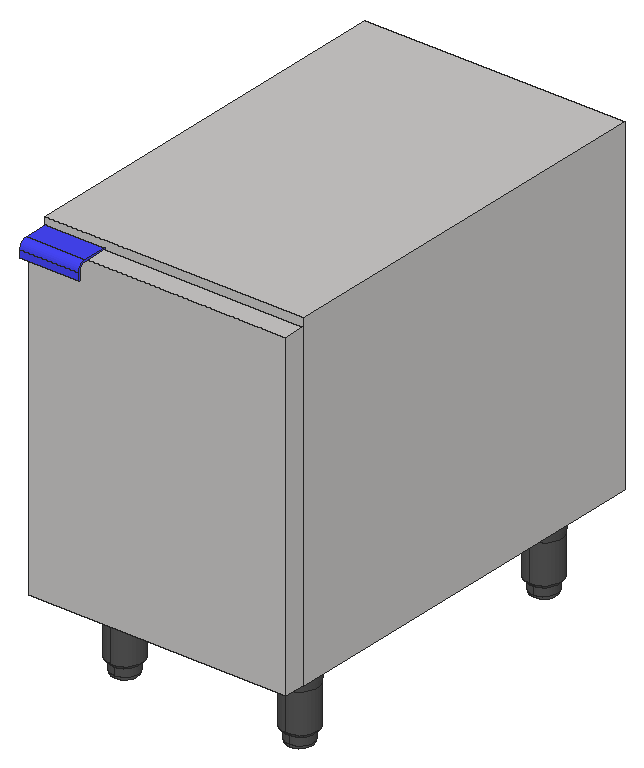
Revit family "QF_CAPIC_AVEN_W543041", category Equipement spécialisé, Revit 2018
Family settings
  Cote de connecteur circulaire = Utiliser le diamètre
  Type d'élément = Normal
  Numéro OmniClass = 23.40.40.14
  Titre OmniClass = Food Service Equipment
  Basée sur le plan de construction = Non
  Toujours verticalement = Oui
  Couper avec des vides une fois chargée = Non
  Partagée = Non
  Point de calcul de pièce = Non
Parameters (values of type "400 mm")
  URL catalogue = "http://www.capic-fr.com/fr/"
  Type de Raccord Plomberie [instance] = ""
  Type de Raccord Electrique [instance] = "Bornier interne"
  Type de Gaz = ""
  Type article [instance] = ""
  Tension = 230 V
  Spécification du Fabricant = ""
  Show Logo = yes
  Remarques evacuation [instance] = ""
  Remarques Plomberie [instance] = ""
  Remarques Electricité [instance] = "230Vx1 +T"
  Puissance électrique  = 850 W
  Puissance Gaz kW = 0
  Profondeur hors tout = 671 mm
  Pression Maximum Eau Adoucie = 0.0 Pa
  Poids net à vide = 50.00 kg
  Phase = 0
  Modèle = "W543041"
  Longueur hors tout = 400 mm
  Intensité nominale = 0 A
  Hauteur hors tout = 638 mm
  Hauteur de Raccordement du Sol Finis = 447 mm
  Hauteur de Raccordement Gaz du Sol Finis = 0 mm
  Hauteur de Raccordement Evacuation Directe du Sol Finis = 0 mm
  Hauteur de Raccordement Eau Froide du Sol Finis = 0 mm
  Hauteur de Raccordement Eau Chaude du Sol Finis = 0 mm
  Hauteur de Raccordement Eau Adoucie du Sol Finis = 0 mm
  Fréquence = 50 Hz
  Fabricant = "CAPIC"
  Etagere intermédiaire (option) [instance] = no
  Débit d'air d'extraction = 0.0 m³/h
  Débit Gaz = 0.0 L/s
  Débit Eau Froide = 0.0 L/s
  Débit Eau Chaude = 0.0 L/s
  Débit Eau Adoucie = 0.0 L/s
  Diamètre de Raccordement Gaz = 0 mm
  Diamètre de Raccordement Evacuation = 0 mm
  Diamètre de Raccordement Eau Froide = 0 mm
  Diamètre de Raccordement Eau Chaude = 0 mm
  Diamètre de Raccordement Eau Adoucie = 0 mm
  Description = "Placard chauffant"
  Assembly Code = ""
  Classification  Omniclass nombre et titre = "23.40.40.14"
Reference planes
  plane 1 "Centre (avant/arrière)": y = 0
  plane 2: z = 0
  plane 3 "Centre (gauche/droite)": x = 0
  plane 4: x = 400
  plane 5: y = -662
  plane 6: y = -45
  plane 7: x = 25
  plane 8: x = 375
  plane 9: y = -69
  plane 10: y = -539
  plane 11: x = 35
  plane 12: x = 365
  plane 13: x = 2
  plane 14: x = 398
  plane 15: y = -694.5
  plane 16: z = 627
  plane 17: y = -712
  plane 18: z = 625
  plane 19: y = -710
  plane 20: z = 603
  plane 21: x = 92
  plane 22: y = -1075
  plane 23: z = 447
Forms (mm)
  Extrusion 1, solid, material "QF_Stainless Steel-Brushed"
    sketch origin (0, 0, 0) x (1, 0, 0) y (0, 1, 0)
      loop
        line (0, -45) -> (0, -662) -> (400, -662) -> (400, -45) -> (0, -45)
    from 130 to 638
  Extrusion 2, void
    sketch origin (0, 0, 0) x (1, 0, 0) y (0, 1, 0)
      loop
        line (35, -69) -> (35, -662) -> (365, -662) -> (365, -69) -> (35, -69)
    from 175 to 608
  Extrusion 3, solid, material "QF_Stainless Steel-Brushed", visible <- "Etagere intermédiaire (option)"
    sketch origin (0, 0, 0) x (1, 0, 0) y (0, 1, 0)
      loop
        line (35, -69) -> (35, -662) -> (365, -662) -> (365, -69) -> (35, -69)
    from 370 to 400
  Extrusion 4, solid, material "QF_Stainless Steel-Brushed"
    sketch origin (0, 0, 0) x (1, 0, 0) y (0, 1, 0)
      loop
        line (2, -662) -> (2, -694.5) -> (398, -694.5) -> (398, -662) -> (2, -662)
    from 130 to 625
  Extrusion 5, solid, material "QF_Metal Sheet-Blue"
    sketch origin (0, 0, 0) x (0, 1, 0) y (0, 0, 1)
      loop
        line (-662, 627) -> (-700, 627)
        arc (-700, 627) -> (-708.485, 623.485) -> (-712, 615) r 12
        line (-712, 615) -> (-712, 603) -> (-710, 603) -> (-710, 615)
        arc (-710, 615) -> (-707.071, 622.071) -> (-700, 625) r 10
        line (-700, 625) -> (-662, 625) -> (-662, 627)
    from 2 to 92
Cuts and joins
  Extrusion 2 cuts Extrusion 1
Lines and regions (mm)
  symbolic lines, style "SpecialityEquipmentHiddenLines"
    curve 1: arc (398, -1075, 0) -> (123.261, -964.482, 0) -> (1.583, -694.5, 0) r 396.75
  symbolic lines
    curve 2: line (398, -1075, 0) -> (398, -694.5, 0)
Dimensions and locks
  "Longueur hors tout": plane 3 "Centre (gauche/droite)" to plane 4
  plane 5 to plane 6 to plane 1 "Centre (avant/arrière)" = 617 mm locked, 45 mm locked
  plane 6 to plane 9 to plane 10 = 24 mm locked, 470 mm locked
  locked: plane 3 "Centre (gauche/droite)" to plane 7 at 25
  locked: plane 8 to plane 4 at 25
  locked: plane 3 "Centre (gauche/droite)" to plane 11 at 35
  locked: plane 12 to plane 4 at 35
  locked: plane 3 "Centre (gauche/droite)" to plane 13 at 2
  locked: plane 14 to plane 4 at 2
  locked: plane 5 to plane 15 at 32.5
  locked: plane 16 to plane 18 at 2
  locked: plane 19 to plane 17 at 2
  locked: plane 5 to plane 17 at 50
  locked: plane 16 to plane 20 at 24
  locked: plane 13 to plane 21 at 90
  aligned and locked: level to plane 2
  aligned and locked: plane 9 to nested 1
  aligned and locked: nested 1 to plane 7
  aligned and locked: plane 10 to nested 2
  aligned and locked: nested 2 to plane 7
  aligned and locked: plane 8 to nested 3
  aligned and locked: plane 9 to nested 3
  aligned and locked: plane 8 to nested 4
  aligned and locked: plane 10 to nested 4
  aligned and locked: Extrusion 2 sketch curve to plane 9
  aligned and locked: plane 11 to Extrusion 2 sketch curve
  aligned and locked: plane 5 to Extrusion 2 sketch curve
  aligned and locked: Extrusion 2 sketch curve to plane 12
  aligned and locked: Extrusion 4 sketch curve to plane 5
  aligned and locked: plane 13 to Extrusion 4 sketch curve
  aligned and locked: plane 15 to Extrusion 4 sketch curve
  aligned and locked: Extrusion 4 sketch curve to plane 14
  aligned and locked: plane 18 to Extrusion 4
  aligned and locked: Extrusion 5 sketch curve to plane 16
  aligned and locked: plane 18 to Extrusion 5 sketch curve
  aligned and locked: Extrusion 5 sketch curve to plane 5
  aligned and locked: plane 20 to Extrusion 5 sketch curve
  aligned and locked: plane 19 to Extrusion 5 sketch curve
  aligned and locked: Extrusion 5 to plane 13
  aligned and locked: plane 21 to Extrusion 5
Automatic sketch dimensions
  Extrusion 1 sketch curve to plane 3 "Centre (gauche/droite)" = 0 mm
  Extrusion 1 sketch curve to plane 4 = 0 mm
  Extrusion 1 sketch curve to plane 5 = 0 mm
  Extrusion 1 sketch curve to plane 6 = 0 mm
  Extrusion 3 sketch curve to plane 5 = 0 mm
  Extrusion 3 sketch curve to plane 11 = 0 mm
  Extrusion 3 sketch curve to plane 12 = 0 mm
  Extrusion 3 sketch curve to plane 9 = 0 mm
  Extrusion 5 sketch curve to Extrusion 5 sketch curve = 0 mm
  Extrusion 5 sketch curve to plane 17 = 0 mm
  Extrusion 5 sketch curve to plane 15 = 5.5 mm
  curve 1 to plane 15 = 0 mm
  curve 2 to plane 14 = 0 mm
  curve 1 to plane 22 = 0 mm
  curve 2 to plane 15 = 0 mm
  curve 1 to plane 5 = 16.25 mm
Nested families
  nested 1: "QF_Details_Pied" at (13.5, -119, 0) x (0, -1, 0) z (0, 0, 1), type "QF_Details_Pied"
  nested 2: "QF_Details_Pied" at (13.5, -589, 0) x (0, -1, 0) z (0, 0, 1), type "QF_Details_Pied"
  nested 3: "QF_Details_Pied" at (283.5, -119, 0) x (0, -1, 0) z (0, 0, 1), type "QF_Details_Pied"
  nested 4: "QF_Details_Pied" at (283.5, -589, 0) x (0, -1, 0) z (0, 0, 1), type "QF_Details_Pied"
Definition of nested family "QF_Details_Pied"
  Reference planes
    plane 1 "Centre (avant/arrière)": y = 0
    plane 2: z = 0
    plane 3 "Centre (gauche/droite)": x = 0
  Forms (mm)
    Extrusion 1, solid
      sketch origin (-137.492, 51.5, -340.756) x (1, 0, 0) y (0, 0, 1)
        loop
          line (87.492, 481.756) -> (87.492, 472.756) -> (187.492, 472.756) -> (187.492, 481.756) -> (87.492, 481.756)
      from -40 to 40
    Revolve 2, solid
      sketch origin (0, 51.5, -9) x (1, 0, 0) y (0, 0, 1)
        loop
          line (0, 141) -> (0, 9) -> (19.21, 9) -> (19.21, 13) -> (20.21, 13) -> (20.21, 26) -> (21.71, 26) -> (26.66, 30.95) -> (26.66, 90.95) -> (31.468, 136.698) -> (36.246, 141) -> (0, 141)
        axis (0, 141) -> (0, 9)
      angle from 0 to 360
  Dimensions and locks
    aligned and locked: level to plane 2
    aligned and locked: Extrusion 1 to Revolve 2 sketch curve
